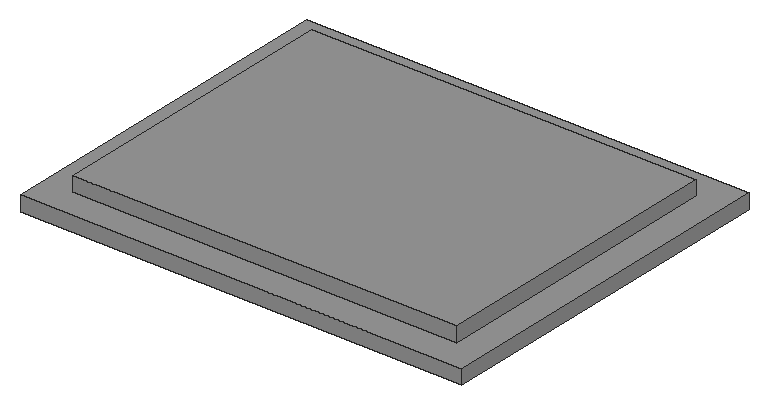
Revit family "Bridge_Foundation", category Generic Models, Revit 2020
Family settings
  Can host rebar = No
  Round Connector Dimension = Use Diameter
  Part Type = Normal
  Work Plane-Based = No
  Always vertical = Yes
  Cut with Voids When Loaded = No
  Shared = No
  Room Calculation Point = No
Parameters
  Width = 12.15 m
  URL = "http://bridge-foundation.org/"
  Type Image = <None>
  Type Comments = "Version 1.0"
  Thickness = 1 m
  Structural_Testing_Data = ""
  Structural_Frame_Brand = "Kloostermann"
  Reliability_Class = "CC3"
  Model = "New Phase"
  Material_Type = "Ready_Mix_Concrete"
  Manufacturer = "Royal HaskoningDHV - TU Delft"
  Load_Capacity = 25
  Length = 15 m
  Keynote = "CME Master Thesis - Shreenidhi"
  Future_Expansion_Feasibility = no
  Earthquake_Resistance = yes
  Durability_Class = "MX4"
  Design_Life = 100
  Description = "Foundation of the proposed bridge"
  Deicing_Prevention = yes
  Default Elevation = 0 m
  Concrete_Grade = "M40"
  Assembly Code = "VD001"
Reference planes (m)
  plane 1 "Center (Front/Back)": y = 0
  plane 2: z = 0
  plane 3 "Center (Left/Right)": x = 0
Forms (m)
  Extrusion 1, solid, material "Concrete, Board Formed"
    sketch origin (0, 0, 0) x (1, 0, 0) y (0, 1, 0)
      loop
        line (13.682022, 14.131619) -> (13.682022, 1.973692) -> (28.712367, 1.973692) -> (28.712367, 14.131619) -> (13.682022, 14.131619)
    from 0 to 0.5
  Extrusion 2, solid, material "Concrete, Board Formed"
    sketch origin (0, 0, 0) x (1, 0, 0) y (0, 1, 0)
      loop
        line (27.712367, 13.131619) -> (14.682022, 13.131619) -> (14.682022, 2.973692) -> (27.712367, 2.973692) -> (27.712367, 13.131619)
    from 0.5 to 1
Dimensions and locks (m)
  aligned and locked: level to plane 2
